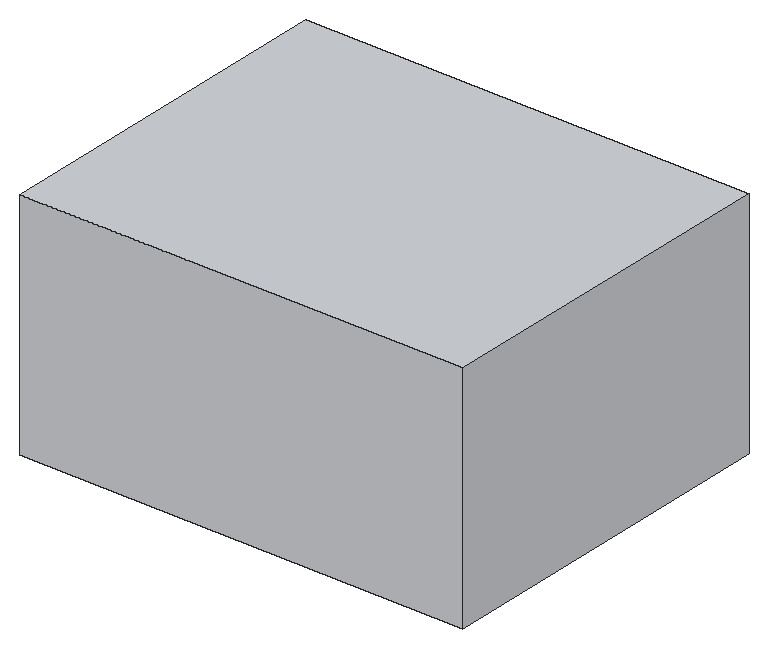
Revit family "OSID-EHE OSID senderkabinett IP66 Tak", category Fire Alarm Devices, Revit 2016
Family settings
  Maintain Annotation Orientation = No
  Part Type = Normal
  Round Connector Dimension = Use Diameter
  OmniClass Number = 23.85.30.21.11.11.11
  OmniClass Title = Smoke Detectors
  Work Plane-Based = No
  Always vertical = Yes
  Cut with Voids When Loaded = No
  Shared = No
  Room Calculation Point = No
Parameters (values of type "Linjedetektor sender")
  Type Comments = "-RY"
  NVMottaker = no
  NS8360 = "5423_XN3"
  Manufacturer = "Honeywell"
  Keynote = "XN3"
  CQ Høyre = no
  CQFontSymboler = "w"
  CQ Venstre = not(CQ Høyre)  # yes
  CQ Type tekst synlig = yes
  CQ Type = "LD"
  CQ Montering tekst synlig [instance] = no
  CQ Montering [instance] = "HIM"
  CQ Material = none
  CQ Width = 194 mm
  CQ Height = 127 mm
  CQ Length = 241 mm
  CQ Coverage Circle Radius = 70000 mm
  CQ Symbol Positive Direction [instance] = yes
  CQ Symbol Offset Side [instance] = 0 mm
  CQ Symbol Offset Out [instance] = 0 mm
  CQ Coverage Circle = no
  CQ 3D Synlig = not(CQ 2D Synlig)  # no
  CQ 2D Synlig = yes
  Assembly Code = "5423"
Reference planes
  plane 1 "Center (Front/Back)": y = 0
  plane 2: z = 0
  plane 3 "Center (Left/Right)": x = 0
  plane 4 "Model Lines": z = -127
  plane 5 "foran a": y = -97
  plane 6 "bak a": y = 97
  plane 7 "høyre": x = 120.5
  plane 8 "Venstre": x = -120.5
Forms (mm)
  Extrusion 1, solid, material <- "CQ Material"
    sketch origin (0, -97, 0) x (-1, 0, 0) y (0, 0, 1)
      loop
        line (-120.5, 0) -> (-120.5, -127) -> (120.5, -127) -> (120.5, 0) -> (-120.5, 0)
    from 0 to 194
Lines and regions (mm)
  model lines, style "InvisibleLines"
    curve 1: line (0, 0, 0) -> (0, 0, 5)
  symbolic lines, visible <- "CQ 3D Synlig"
    curve 2: line (-120.5, 97, 0) -> (120.5, 97, 0)
    curve 3: line (-120.5, -97, 0) -> (-120.5, 97, 0)
    curve 4: line (120.5, -97, 0) -> (-120.5, -97, 0)
    curve 5: line (120.5, 97, 0) -> (120.5, -97, 0)
  model lines
    curve 6: circle (0, 0, -127) r 60 normal (0, 0, 1)
Dimensions and locks
  "CQ Height": plane 2 to plane 4 "Model Lines"
  "CQ Width": plane 6 "bak a" to plane 5 "foran a"
  equal spacing: plane 6 "bak a", plane 1 "Center (Front/Back)", plane 5 "foran a"
  equal spacing: plane 8 "Venstre", plane 3 "Center (Left/Right)", plane 7 "høyre"
  "CQ Length": plane 8 "Venstre" to plane 7 "høyre"
  radius of curve 6 = 60 mm
  aligned and locked: level to plane 2
  aligned and locked: plane 3 "Center (Left/Right)" to nested 1
  aligned and locked: plane 1 "Center (Front/Back)" to nested 1
  aligned and locked: nested 2 to plane 1 "Center (Front/Back)"
  aligned and locked: level to curve 1
  aligned and locked: plane 3 "Center (Left/Right)" to curve 1
  aligned and locked: Extrusion 1 sketch curve to plane 2
  aligned and locked: plane 4 "Model Lines" to Extrusion 1 sketch curve
  aligned and locked: plane 6 "bak a" to Extrusion 1
  aligned and locked: Extrusion 1 to plane 5 "foran a"
  aligned and locked: plane 7 "høyre" to Extrusion 1 sketch curve
  aligned and locked: Extrusion 1 sketch curve to plane 8 "Venstre"
  aligned and locked: curve 3 to plane 8 "Venstre"
  aligned and locked: plane 7 "høyre" to curve 5
Automatic sketch dimensions
  curve 4 to plane 5 "foran a" = 0 mm
  curve 3 to plane 6 "bak a" = 0 mm
  level to curve 1 = 5 mm
  plane 1 "Center (Front/Back)" to curve 6 = 0 mm
  curve 6 to plane 3 "Center (Left/Right)" = 0 mm
Nested families
  nested 1: "Linjedetektor Symbol" at (0, 0, 0), visible <- "CQ 2D Synlig", type "Type 1"
  nested 2: "Coverage Circle" at (-20.5, 0, 0), visible <- "CQ Coverage Circle", type "Type 1"
Connectors
  electrical at (0, 0, 0)
    settings: index 1, voltage 0 V, apparent load 0 VA, apparent load phase1 0 VA, apparent load phase2 0 VA, apparent load phase3 0 VA, power factor 1, load classification "Other", number of poles 1, system type 11, power factor state 1, is connector primary yes, connector utility no, sub classification motor no, connector description ""
Definition of nested family "Linjedetektor Symbol"
  Parameters (values of type "Type 1")
    Type tekst synlig = yes
    Type = "LD"
    Sender = not(Mottaker)  # no
    Mottaker = yes
    Montering tekst synlig = no
    Montering = "HIM"
    CQ Symbol Positive Direction = yes
    CQ Symbol Negative Direction = not(CQ Symbol Positive Direction)  # no
    CQ Symbol Offset Side = 0 mm
    CQ Symbol Offset Out = 0 mm
  Reference planes
    plane 1: y = 0
    plane 2: x = 0
  Dimensions and locks
    "CQ Symbol Offset Side": nested 2 to plane 2
    "CQ Symbol Offset Side": plane 2 to nested 1
    "CQ Symbol Offset Out": plane 1 to nested 1
    "CQ Symbol Offset Out": plane 1 to nested 2
  Nested families
    nested 1: "Linjedetektor Sub" at (0, 0, 0), visible <- "CQ Symbol Positive Direction", type "Type1"
    nested 2: "Linjedetektor Sub" at (0, 0, 0), visible <- "CQ Symbol Negative Direction", type "Type1"
  Definition of nested family "Linjedetektor Sub"
    Parameters (values of type "Type1")
      Type tekst synlig = yes
      Type = "LD"
      Sender = yes
      Mottaker = yes
      Montering tekst synlig = no
      Montering = "HIM"
    Reference planes
      plane 1: y = 0
      plane 2: x = 0
    Lines and regions (mm)
      detail lines
        curve 1: line (-2.5, -2.5, 0) -> (2.5, -2.5, 0)
        curve 2: line (2.5, -2.5, 0) -> (2.5, 2.5, 0)
        curve 3: line (2.5, 2.5, 0) -> (-2.5, 2.5, 0)
        curve 4: line (-2.5, 2.5, 0) -> (-2.5, -2.5, 0)
        curve 5: circle (-1.25, -1.5, 0) r 0.25 normal (0, 0, 1)
        curve 6: line (-1.25, -0.75, 0) -> (-1, 1.5, 0)
        curve 7: arc (-1, 1.5, 0) -> (-1.25, 1.75, 0) -> (-1.5, 1.5, 0) r 0.25
        curve 8: line (-1.5, 1.5, 0) -> (-1.25, -0.75, 0)
        curve 9: line (-1.25, 0.5, 0) -> (-1.25, 1.5, 0)
        curve 13: line (1.25, -0.83, 0) -> (2, 0.469, 0)
        curve 14: line (1.25, -0.83, 0) -> (0.5, 0.469, 0)
        curve 15: arc (0.189, 0.231, 0) -> (1.25, 0.67, 0) -> (2.311, 0.231, 0) r 1.5
      detail lines, visible <- "Type tekst synlig"
        curve 10: line (-2.5, -4.5, 0) -> (2.5, -4.5, 0)
        curve 11: line (-2.5, -4.5, 0) -> (-2.5, -2.5, 0)
        curve 12: line (2.5, -4.5, 0) -> (2.5, -2.5, 0)
      detail lines, visible <- "Sender"
        curve 16: line (0.198, 1.5, 0) -> (2.298, 1.5, 0)
        curve 17: line (2.298, 1.5, 0) -> (1.396, 2.021, 0)
        curve 18: line (2.298, 1.5, 0) -> (1.396, 0.979, 0)
      detail lines, visible <- "Mottaker"
        curve 19: line (2.298, -1.5, 0) -> (0.198, -1.5, 0)
        curve 20: line (0.198, -1.5, 0) -> (1.101, -2.021, 0)
        curve 21: line (0.198, -1.5, 0) -> (1.101, -0.979, 0)
    Nested families
      nested 1: "txt 1_50" at (3.379, 2.424, 0), visible <- "Montering tekst synlig", Type Name <- "Montering", type "txt"
      nested 2: "txt 1_50" at (-1.901, -3.637, 0), visible <- "Type tekst synlig", Type Name <- "Type", type "txt"
        with Type Name "LD"
    Definition of nested family "txt 1_50"
      Parameters (values of type "txt")
        Type Name [instance] = "HIM"
      Reference planes
        plane 1: y = 0
        plane 2: x = 0
      Text (mm)
        label "TXT" at (1.952, 0, 0), shows "Type Name"
Definition of nested family "Coverage Circle"
  Parameters
    Radius = 3250 mm
  Reference planes
    plane 1 "Center (Front/Back)": y = 0
    plane 2: z = 0
    plane 3 "Center (Left/Right)": x = 0
  Lines and regions (mm)
    detail lines, in view "Ref. Level"
      curve 1: circle (0, 0, 0) r 3250 normal (0, 0, 1)
  Dimensions and locks
    "Radius": radius of curve 1
    aligned and locked: plane 1 "Center (Front/Back)" to curve 1
    aligned and locked: plane 3 "Center (Left/Right)" to curve 1
